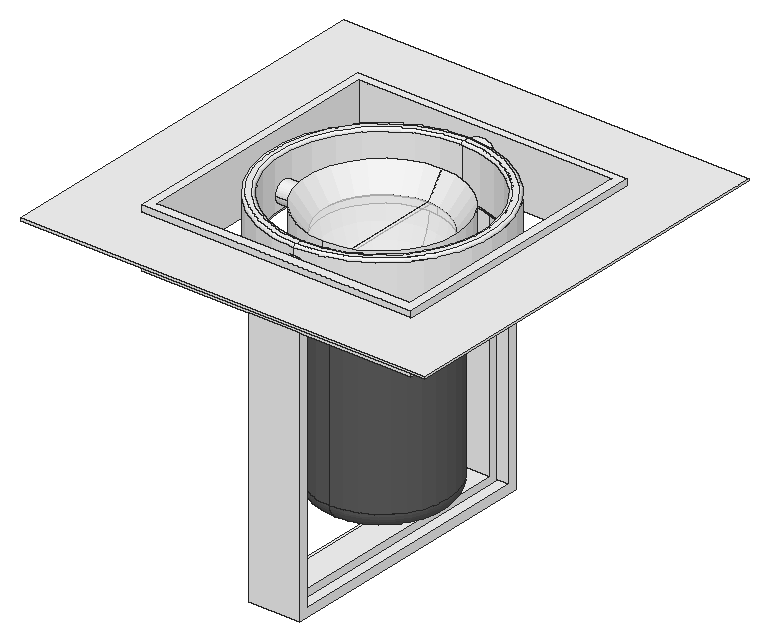
Revit family "Zaniboni-Diva-3_Inch_Aperture_40°-1", category Lighting Fixtures, host Face, Revit 2016
Family settings
  Host = Face
  Part Type = Normal
  Round Connector Dimension = Use Diameter
  Cut with Voids When Loaded = No
  Light Source = No
  Shared = No
  Room Calculation Point = No
Parameters (values of type "D2-D3TSN-0927A-2C-WS")
  Width = 4"
  Wattage Comments = "14W"
  Voltage = 120 V
  URL = "www.zanibonilighting.com"
  Type Comments = "Diva"  # constant formula
  Support Finish = ZBN - Metal Matte White
  Screen Finish = ZBN - Glass
  ST = RT  # no
  SD = RD  # no
  RT = no
  RD = no
  Model = "D2-D3TSN-0927A-2C-WS"
  Mechanism Finish = ZBN - Plastic-Black
  Manufacturer = "Zaniboni"  # constant formula
  Length = 4"
  Keynote = "12500"
  Kelvin = "3000°K"
  Frame Finish = ZBN - Metal Matte White
  Diffuser Finish = ZBN - Metal Matte White
  Description = "3 inch 1 Light Sources Adjustable 40°"
  Default Elevation = 1"
  CRI = "80"
  Body Finish = ZBN - Metal Matte White
  Beam = "36°"
  Base Finish = ZBN - Metal Matte White
  Assembly Code = "E1020300"
Types (4): name | ST | SD | RT | RD | Model | Length | Description
  (no name) | no | no | no | no | "D2-D3TSN-0927A-2C-WS" | 4" | "3 inch 1 Light Sources Adjustable 40°"
  D2-D3TSN-0927A-2C-WS | no | no | no | no | "D2-D3TSN-0927A-2C-WS" | 4" | "3 inch 1 Light Sources Adjustable 40°"
  D2-D3TDN-1827A-1C-WS | no | yes | no | yes | "D2-D3TDN-1827A-1C-WS" | 7.87" | "3 inch 2 Light Sources Adjustable 40°"
  D2-D3TTN-2727A-1C-WS | yes | yes | yes | yes | "D2-D3TTN-2727A-1C-WS" | 11.82" | "3 inch 3 Light Sources Adjustable 40°"
Reference planes (in)
  plane 1 "Center (Front/Back)": y = 0
  plane 2: z = 0
  plane 3 "Center (Left/Right)": x = 0
  plane 4: x = 4
  plane 5: y = -4
  plane 6: x = 2
  plane 7: y = -2
Forms (in)
  Extrusion 1, void
    sketch origin (3.54686, -2.04724, 0) x (1, 0, 0) y (0, 1, 0)
      loop
        line (-3.54686, 2.04724) -> (-3.54686, -1.95276) -> (0.45314, -1.95276) -> (0.45314, 2.04724) -> (-3.54686, 2.04724)
    from -4.71642 to 0.5
  Extrusion 2, solid, material "ZBN - Metal Matte White" <- "Body Finish"
    sketch origin (2.99382, -1.49606, 0) x (1, 0, 0) y (0, 1, 0)
      loop
        line (-2.99382, 1.49606) -> (-2.99382, -2.50394) -> (1.00618, -2.50394) -> (1.00618, 1.49606) -> (-2.99382, 1.49606)
      loop
        line (0.88118, -2.37894) -> (0.88118, 1.37106) -> (-2.86882, 1.37106) -> (-2.86882, -2.37894) -> (0.88118, -2.37894)
    from -0.88189 to 0
  Extrusion 3, solid, material "ZBN - Metal Matte White" <- "Support Finish"
    sketch origin (0, 0, -0.86332) x (1, 0, 0) y (0, 1, 0)
      loop
        line (0, 0) -> (0, -4) -> (4, -4) -> (4, 0) -> (0, 0)
      loop
        line (-1, 1) -> (-1, -5) -> (5, -5) -> (5, 1) -> (-1, 1)
    from 0.74071 to 0.77271
Lines and regions (in)
  symbolic lines
    curve 1: line (0, 0, 0) -> (0, -4, 0)
    curve 2: line (4, 0, 0) -> (0, 0, 0)
    curve 3: line (4, -4, 0) -> (4, 0, 0)
    curve 4: line (0, -4, 0) -> (4, -4, 0)
    curve 5: line (0.125, -3.875, 0) -> (0.125, -0.125, 0)
    curve 6: line (0.125, -0.125, 0) -> (3.875, -0.125, 0)
    curve 7: line (3.875, -0.125, 0) -> (3.875, -3.875, 0)
    curve 8: line (3.875, -3.875, 0) -> (0.125, -3.875, 0)
  symbolic lines, style "LightingFixturesHiddenLines", detail levels fine
    curve 9: line (-1, 1, 0) -> (5, 1, 0)
    curve 10: line (-1, -5, 0) -> (-1, 1, 0)
    curve 11: line (5, -5, 0) -> (-1, -5, 0)
    curve 12: line (5, 1, 0) -> (5, -5, 0)
Dimensions and locks (in)
  locked: plane 3 "Center (Left/Right)" to Extrusion 2 sketch curve at 0.125
  locked: Extrusion 2 sketch curve to plane 4 at 0.125
  locked: Extrusion 2 sketch curve to plane 5 at 0.125
  locked: Extrusion 2 sketch curve to plane 1 "Center (Front/Back)" at 0.125
  "Length": plane 3 "Center (Left/Right)" to plane 4
  "Width": plane 5 to plane 1 "Center (Front/Back)"
  equal spacing: plane 3 "Center (Left/Right)", plane 6, plane 4
  equal spacing: plane 5, plane 7, plane 1 "Center (Front/Back)"
  locked: Extrusion 3 sketch curve to plane 3 "Center (Left/Right)" at 1
  locked: plane 4 to Extrusion 3 sketch curve at 1
  locked: plane 5 to Extrusion 3 sketch curve at 1
  locked: plane 1 "Center (Front/Back)" to Extrusion 3 sketch curve at 1
  aligned and locked: plane 2 to host face
  aligned and locked: level to host face
  aligned and locked: plane 3 "Center (Left/Right)" to Extrusion 2 sketch curve
  aligned and locked: plane 1 "Center (Front/Back)" to Extrusion 2 sketch curve
  aligned and locked: plane 4 to Extrusion 2 sketch curve
  aligned and locked: plane 5 to Extrusion 2 sketch curve
  aligned and locked: plane 3 "Center (Left/Right)" to Extrusion 1 sketch curve
  aligned and locked: Extrusion 1 sketch curve to plane 4
  aligned and locked: plane 1 "Center (Front/Back)" to Extrusion 1 sketch curve
  aligned and locked: plane 5 to Extrusion 1 sketch curve
  aligned and locked: plane 3 "Center (Left/Right)" to Extrusion 3 sketch curve
  aligned and locked: plane 1 "Center (Front/Back)" to Extrusion 3 sketch curve
  aligned and locked: plane 4 to Extrusion 3 sketch curve
  aligned and locked: plane 5 to Extrusion 3 sketch curve
  aligned and locked: curve 9 to Extrusion 3
  aligned and locked: curve 10 to Extrusion 3
  aligned and locked: curve 11 to Extrusion 3
  aligned and locked: curve 12 to Extrusion 3
Automatic sketch dimensions
  host sketch curve to host sketch curve = 11.9761"
  host sketch curve to host sketch curve = 9.88102"
  plane 1 "Center (Front/Back)" to curve 2 = 0"
  curve 2 to plane 3 "Center (Left/Right)" = 0"
  curve 2 to plane 4 = 0"
  curve 3 to plane 5 = 0"
  plane 3 "Center (Left/Right)" to curve 5 = 1/8"
  plane 4 to curve 7 = 1/8"
  plane 5 to curve 5 = 1/8"
  plane 1 "Center (Front/Back)" to curve 6 = 1/8"
Nested families (in)
  nested 1: "Diva 3T" at (1.97, -2, -20.94919), Diffuser Finish <- "Diffuser Finish", Frame Finish <- "Frame Finish", Mechanism Finish <- "Mechanism Finish", Screen Finish <- "Screen Finish", Support Finish <- "Support Finish", Base Finish <- "Base Finish", type "Diva 3"
    with Voltage 0 V, Support Finish ZBN - Metal Matte White, Support yes, Screen Finish ZBN - Glass, Mechanism Finish ZBN - Plastic-Black, Light yes, Frame Finish ZBN - Metal Matte White, Diffuser Finish ZBN - Metal Matte White, Base Finish ZBN - Metal Matte White
  nested 2: "Diva 3T" at (5.9, -2, -20.94919) x (-1, 0, 0) z (0, 0, 1), Support <- "SD", Light <- "RD", Diffuser Finish <- "Diffuser Finish", Frame Finish <- "Frame Finish", Mechanism Finish <- "Mechanism Finish", Screen Finish <- "Screen Finish", Support Finish <- "Support Finish", Base Finish <- "Base Finish", type "Diva 3"
    with Voltage 0 V, Support Finish ZBN - Metal Matte White, Support no, Screen Finish ZBN - Glass, Mechanism Finish ZBN - Plastic-Black, Light no, Frame Finish ZBN - Metal Matte White, Diffuser Finish ZBN - Metal Matte White, Base Finish ZBN - Metal Matte White
  nested 3: "Diva 3T" at (9.85, -1.97, -20.94919) x (-1, 0, 0) z (0, 0, 1), Support <- "ST", Light <- "RT", Base Finish <- "Base Finish", Diffuser Finish <- "Diffuser Finish", Frame Finish <- "Frame Finish", Mechanism Finish <- "Mechanism Finish", Screen Finish <- "Screen Finish", Support Finish <- "Support Finish", type "Diva 3"
    with Voltage 0 V, Support Finish ZBN - Metal Matte White, Support no, Screen Finish ZBN - Glass, Mechanism Finish ZBN - Plastic-Black, Light no, Frame Finish ZBN - Metal Matte White, Diffuser Finish ZBN - Metal Matte White, Base Finish ZBN - Metal Matte White
Definition of nested family "Diva 3T"
  Parameters (values of type "Diva 3T")
    Wattage = 9.2903 W
    built-in parameter 1150110 = 1 (stored number, unit not read)
    Voltage [instance] = 0 V
    built-in parameter 1114217 = 1 (stored number, unit not read)
    Tilt Angle = 90.00°
    built-in parameter 1150109 = 1 (stored number, unit not read)
    built-in parameter 1150134 = 3
    built-in parameter 1150113 = 1 (stored number, unit not read)
    Support Finish [instance] = none
    Support [instance] = yes
    Screen Finish [instance] = none
    Photometric Web File = "generic"
    built-in parameter 1150142 = (empty or 0)
    Mechanism Finish [instance] = none
    built-in parameter 1150105 = 109.82 (stored number, unit not read)
    Lumens = 1380 lm
    built-in parameter 1150115 = 1 (stored number, unit not read)
    built-in parameter 1150137 = (empty or 0)
    built-in parameter 1150139 = (empty or 0)
    Light [instance] = yes
    built-in parameter 1150112 = 1 (stored number, unit not read)
    built-in parameter 1150114 = 1 (stored number, unit not read)
    built-in parameter 1150132 = (empty or 0)
    built-in parameter 1150102 = (empty or 0)
    built-in parameter 1150107 = 3200 (stored number, unit not read)
    built-in parameter 1150138 = (empty or 0)
    built-in parameter 1150106 = 1.0982 (stored number, unit not read)
    Frame Finish [instance] = none
    Emit from Circle Diameter = 3"
    Emit Shape Visible in Rendering = no
    built-in parameter 1150104 = 13.8 (stored number, unit not read)
    Dimming Lamp Color Temperature Shift = (empty or 0)
    Diffuser Finish [instance] = none
    Color Filter = 16777215
    Base Finish [instance] = none
    built-in parameter 1114218 = 1 (stored number, unit not read)
    built-in parameter 1150133 = 10 (stored number, unit not read)
  Types (2): name
    Diva 3T
    Diva 3
  Reference planes (in)
    plane 1 "Center (Front/Back)": y = 0
    plane 2: z = 0
    plane 3 "Center (Left/Right)": x = 0
    plane 4: z = 20.94919
  Forms (in)
    Revolve 1, solid, material <- "Support Finish", visible <- "Light"
      sketch origin (0, 0, 0) x (0, 1, 0) y (0, 0, 1)
        loop
          arc (1.63386, 20.91) -> (1.62242, 20.93762) -> (1.5948, 20.94906) r 0.03906
          line (1.5948, 20.94906) -> (1.51521, 20.94906)
          arc (1.51521, 20.94906) -> (1.48758, 20.93762) -> (1.47614, 20.91) r 0.03906
          line (1.47614, 20.91) -> (1.47614, 20.20072)
          arc (1.47614, 20.20072) -> (1.48758, 20.1731) -> (1.51521, 20.16166) r 0.03906
          line (1.51521, 20.16166) -> (1.59437, 20.16166)
          arc (1.59437, 20.16166) -> (1.62229, 20.17322) -> (1.63386, 20.20115) r 0.03949
          line (1.63386, 20.20115) -> (1.63386, 20.91)
        axis (0, 20.94906) -> (0, 20.16166)
      angle from 0 to 360
    Revolve 2, solid, material <- "Mechanism Finish", visible <- "Light"
      sketch origin (0, 0, 0.07812) x (0, 1, 0) y (0, 0, 1)
        loop
          line (-0.97441, 20.04627) -> (-0.97441, 17.11625)
          arc (-0.97441, 17.11625) -> (-0.90574, 16.95048) -> (-0.73997, 16.88181) r 0.23444
          line (-0.73997, 16.88181) -> (0, 16.88181) -> (0, 19.24825) -> (-0.91535, 19.24825) -> (-0.91535, 20.04627) -> (-0.97441, 20.04627)
        axis (0, 20.04627) -> (0, 16.88181)
      angle from 0 to 360
    Revolve 3, solid, material <- "Frame Finish", visible <- "Light"
      sketch origin (0, 0, 0.07812) x (0, 1, 0) y (0, 0, 1)
        loop
          line (1.00418, 19.84428) -> (1.102, 19.84428) -> (1.102, 20.68487) -> (0.85909, 20.34151) -> (0.922, 20.34151) -> (0.922, 20.29551) -> (1.00418, 20.29551) -> (1.00418, 19.84428)
        axis (0, 20.68487) -> (0, 19.84428)
      angle from 0 to 360
    Revolve 4, solid, material <- "Screen Finish", visible <- "Light"
      sketch origin (0, 0, 0.03483) x (0, 1, 0) y (0, 0, 1)
        loop
          line (0, 20.38481) -> (-0.922, 20.38481) -> (-0.922, 20.33881) -> (0, 20.33881) -> (0, 20.38481)
        axis (0, 20.38481) -> (0, 20.33881)
      angle from 0 to 360
    Extrusion 5, solid, material <- "Support Finish", visible <- "Light"
      sketch origin (0, 0, 0) x (1, 0, 0) y (0, 0, 1)
        loop
          circle (0, 20.63237) r 0.17793
      from -1.84055 to -1.62385
    Extrusion 6, solid, material <- "Mechanism Finish", visible <- "Light"
      sketch origin (0, 0, 8.96973) x (1, 0, 0) y (0, 1, 0)
        loop
          circle (0, 0) r 0.37816
      from 7.9277 to 7.9902
    Extrusion 7, solid, material <- "Support Finish", visible <- "Support"
      sketch origin (0, -0.47455, 0) x (1, 0, 0) y (0, 0, 1)
        loop
          line (-0.21654, 20.6341) -> (-0.21654, 16.35778) -> (0.21654, 16.35778) -> (0.21654, 20.6341)
          arc (0.21654, 20.6341) -> (0, 20.85063) -> (-0.21654, 20.6341) r 0.21654
      from 1.25773 to 1.366
    Extrusion 8, solid, material <- "Support Finish", visible <- "Support"
      sketch origin (0, 3.09828, 0) x (1, 0, 0) y (0, 0, 1)
        loop
          line (-0.21654, 20.6341) -> (-0.21654, 16.35778) -> (0.21654, 16.35778) -> (0.21654, 20.6341)
          arc (0.21654, 20.6341) -> (0, 20.85063) -> (-0.21654, 20.6341) r 0.21654
      from 1.25773 to 1.366
    Extrusion 9, solid, material <- "Support Finish", visible <- "Support"
      sketch origin (0, 0, -1.7889) x (1, 0, 0) y (0, 0, 1)
        loop
          line (-0.21654, 18.14667) -> (0.21654, 18.14667) -> (0.21654, 18.25494) -> (-0.21654, 18.25494) -> (-0.21654, 18.14667)
      from -1.73228 to 1.73228
    Revolve 10, solid, material <- "Diffuser Finish", visible <- "Light"
      sketch origin (0, 0, 0.07812) x (0, 1, 0) y (0, 0, 1)
        loop
          line (0, 19.35432) -> (-0.17456, 19.35432)
          arc (-0.17456, 19.35432) -> (-0.21904, 19.35933) -> (-0.26128, 19.37411) r 0.19994
          arc (-0.26128, 19.37411) -> (-0.67365, 19.7199) -> (-0.87063, 20.22071) r 1.09134
          arc (-0.87063, 20.22071) -> (-0.69417, 19.66935) -> (-0.23024, 19.32307) r 0.94909
          line (-0.23024, 19.32307) -> (0, 19.32307) -> (0, 19.35432)
        axis (0, 20.22071) -> (0, 19.32307)
      angle from 0 to 360
    Extrusion 11, solid, material <- "Support Finish", visible <- "Light"
      sketch origin (0, 0, -0.00195) x (0, 1, 0) y (0, 0, 1)
        loop
          circle (0, 20.43491) r 0.15726
      from -1.47688 to -1.08124
    Extrusion 12, solid, material <- "Support Finish", visible <- "Light"
      sketch origin (0, 0, 0) x (1, 0, 0) y (0, 0, -1)
        loop
          circle (0, -20.63237) r 0.17793
      from -1.84055 to -1.62385
    Extrusion 13, solid, material <- "Support Finish", visible <- "Light"
      sketch origin (0, 0, -0.00195) x (0, 1, 0) y (0, 0, -1)
        loop
          circle (0, -20.43491) r 0.15726
      from -1.47688 to -1.08124
    Extrusion 14, solid, material <- "Base Finish", visible <- "Support"
      sketch origin (8.19644, 0, 0) x (0, 1, 0) y (0, 0, 1)
        loop
          line (2, 20.0673) -> (1.875, 20.0673) -> (1.875, 16.35778) -> (-1.875, 16.35778) -> (-1.875, 20.0673) -> (-2, 20.0673) -> (-2, 16.23278) -> (2, 16.23278) -> (2, 20.0673)
      from -8.57144 to -7.82144
  Cuts and joins
    joined: Extrusion 7, Extrusion 8, Extrusion 9
  Lines and regions (in)
    symbolic lines, visible <- "Light", detail levels fine
      curve 1: circle (0, 0, 0) r 1.63194 normal (0, 0, 1)
      curve 2: circle (0, 0, 0) r 1.47751 normal (0, 0, 1)
      curve 3: circle (0, 0, 0) r 1.102 normal (0, 0, 1)
      curve 4: circle (0, 0, 0) r 0.85909 normal (0, 0, 1)
  Dimensions and locks (in)
    aligned and locked: plane 2 to level
